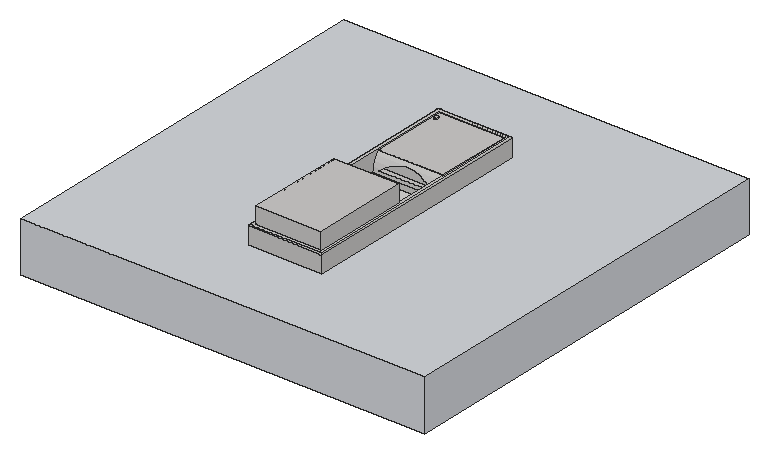
Revit family
Parameters (values of type "B-3949")
  Warranty Duration (Years) = 0
  Unit Width = 1' - 5 1/2"
  Unit Height = 4' - 8 5/16"
  Unit Depth = 0' - 8 1/8"
  URL = "http://www.bobrick.com/Pages/default.aspx"
  Test Data = ""
  Specification = ""
  SpecWizard = ""
  Send Message = "http://www.arcat.com/users.pl?action=UserEmail&company=Bobrick+Washroom+Equipment,+Inc.&coid=30988&rep=156&fax=818-503-1930&mf="
  Sales Information = "http://www.bobrick.com/Pages/ContactUs.aspx"
  Revision = "R1_10_2012"
  Product Properties = ""
  Product Data = "http://arcat.com/arcatcos/cos30/arc30988.html?isac=1&r=1"
  Mounting Height [instance] = 6' - 0"
  Model = "B-3949"
  Manufacturer Website = "http://www.bobrick.com/Pages/default.aspx"
  Manufacturer Phone - Toll Free = ""
  Manufacturer Phone = "818-764-1000"
  Manufacturer Fax = "818-503-1930"
  Manufacturer Address = "11611 Hart St. North Hollywood, CA 91605-5882"
  Manufacturer = "Bobrick Washroom Equipment, Inc."
  Maintenance Schedule (Months) = 0
  Keynote = "102813"
  Installation-Fabrication = "http://www.bobrick.com/washroomaccessories/Pages/WashroomAccessories.aspx"
  Installation Phase = ""
  Green Building-LEED = ""
  Finish Material = Stainless Steel - Bobrick - Satin
  Expected Lifespan (Years) = 0
  Drawn By = "Sumex Design, Inc. / Robert S. Weygant, CSI, CDT, SCIP"
  Description = "Bobrick B-3949 Classic Series Surface Mounted Convertible Combination Towel and Waste Unit"
  Default Elevation = 4' - 0"
  Copyright = "©Arcat Inc."
  Construction Details = ""
  Capacity = "600 C-fold Towels  ;  800 Multifold Towels  ;  12 gal Waste"
  Building Codes = ""
  Assembly Code = "E1090900"
Reference planes (in)
  plane 1 "Center (Front/Back)": y = -1.2293067
  plane 2: z = 0
  plane 3 "Center (Left/Right)": x = 0
  plane 4: y = 26.9269433
  plane 5: y = -29.3855567
  plane 6: x = -8.75
  plane 7: x = 8.75
  plane 8: z = 4.3125
  plane 9: y = 6.25
  plane 10: z = 8.125
  plane 11 "FF": y = -45.0730567
  plane 12 "ADA MOUNT LINE": y = 6.7395336
Forms (in)
  Extrusion 1, solid
    sketch origin (0, 0, 0) x (1, 0, 0) y (0, 1, 0)
      loop
        line (-48, 48) -> (-48, -48) -> (48, -48) -> (48, 48) -> (-48, 48)
    from 0 to -12
  Sweep 2, solid, material "Stainless Steel - Bobrick - Satin" <- "Finish Material"
    path origin (0, 0, 0) x (1, 0, 0) y (0, 1, 0)
      loop
        line (-7.75, 25.9269443) -> (-7.75, -28.3855567) -> (7.75, -28.3855567) -> (7.75, 25.9269443) -> (-7.75, 25.9269443)
    profile origin (0, 25.9269443, 0) x (0, 1, 0) y (0, 0, 1)
      loop
        line (0.999999, 0) -> (0.999999, 4.0625)
        arc (0.999999, 4.0625) -> (0.9267757, 4.2392767) -> (0.749999, 4.3125) r 0.25
        line (0.749999, 4.3125) -> (0, 4.3125) -> (0, 0) -> (0.999999, 0)
  Extrusion 3, solid, material "Stainless Steel - Bobrick - Satin" <- "Finish Material"
    sketch origin (0, 0, 3.8749999) x (1, 0, 0) y (0, 1, 0)
      loop
        line (-7.75, -28.3855567) -> (7.75, -28.3855567) -> (7.75, 25.9269443) -> (-7.75, 25.9269443) -> (-7.75, -28.3855567)
    from -3.8749999 to -3.7499999
  Extrusion 4, void
    sketch origin (0, -1.2293067, 2.25) x (1, 0, 0) y (0, 0, 1)
      loop
        line (-6.15625, -1.1540224) -> (6.15625, -1.1540224)
        arc (6.15625, -1.1540224) -> (0, 1.2426852) -> (-6.15625, -1.1540224) r 9.1049115
    from -6.0854866 to -8.4988816
  Extrusion 5, solid, material "Stainless Steel - Bobrick - Satin" <- "Finish Material"
    sketch origin (-11.8381281, -29.3855567, 48) x (-1, 0, 0) y (0, 0, 1)
      loop
        line (-4.0881281, -47.875) -> (-4.0881281, -39.875) -> (-19.5881281, -39.875) -> (-19.5881281, -47.875) -> (-4.0881281, -47.875)
      loop
        line (-4.2131281, -40) -> (-19.4631281, -40) -> (-19.4631281, -47.75) -> (-4.2131281, -47.75) -> (-4.2131281, -40)
    from 1 to 24
  Extrusion 6, solid, material "Stainless Steel - Bobrick - Satin" <- "Finish Material"
    sketch origin (-11.8381281, -29.3855567, 48) x (-1, 0, 0) y (0, 0, 1)
      loop
        line (-4.2131281, -47.75) -> (-4.2131281, -40) -> (-19.4631281, -40) -> (-19.4631281, -47.75) -> (-4.2131281, -47.75)
    from 1 to 1.2566971
  Extrusion 7, solid, material "Stainless Steel - Bobrick - Satin" <- "Finish Material"
    sketch origin (0, 0, 4.1875) x (1, 0, 0) y (0, 1, 0)
      loop
        line (-7.75, 25.9269443) -> (-7.75, 7.8019443) -> (7.75, 7.8019443) -> (7.75, 25.9269443) -> (-7.75, 25.9269443)
    from 0 to 0.125
  Extrusion 8, solid, material "Stainless Steel - Bobrick - Satin" <- "Finish Material"
    sketch origin (0, 0, 4.1875) x (1, 0, 0) y (0, 1, 0)
      loop
        circle (-6.8354014, 23.9269433) r 0.5
    from 0.125 to 0.2079355
  Extrusion 9, solid, material "Stainless Steel - Bobrick - Satin" <- "Finish Material"
    sketch origin (0, 0, 0) x (0, 1, 0) y (0, 0, 1)
      loop
        arc (7.4835646, 0.1194271) -> (7.5764394, 0.9647388) -> (7.8019443, 1.7846932) r 5.3555927
        line (7.8019443, 1.7846932) -> (7.8019443, 4.3125)
        arc (7.8019443, 4.3125) -> (6.5610633, 2.4450916) -> (6.1000151, 0.2509096) r 5.9453863
        line (6.1000151, 0.2509096) -> (0.3437899, 2.9350815) -> (-5.3855567, 0.25) -> (-5.3855567, 0.125) -> (0.351127, 2.8092477) -> (6.1194659, 0.1194271) -> (7.4835646, 0.1194271)
    from -7.75 to 7.75
Cuts and joins
  Extrusion 4 cuts Extrusion 3
  joined: Sweep 2, Extrusion 3
  joined: Extrusion 5, Extrusion 6
  Extrusion 4 cuts Extrusion 9
Dimensions and locks (in)
  equal spacing: plane 4, plane 1 "Center (Front/Back)", plane 5
  "Unit Height": plane 4 to plane 5
  equal spacing: plane 6, plane 3 "Center (Left/Right)", plane 7
  "Unit Width": plane 6 to plane 7
  locked: Extrusion 7 sketch curve to Extrusion 7 sketch curve at 18.125
  Extrusion 5 sketch curve to Extrusion 5 sketch curve = 0' - 8"
  plane 10 to plane 8 = 0' - 3 13/16"
  "Unit Depth": plane 10 to level
  plane 8 to Extrusion 1 = 0' - 4 5/16"
  locked: plane 4 to plane 12 "ADA MOUNT LINE" at 20.1874097
  "Mounting Height": plane 4 to plane 11 "FF"
  plane 8 to level = 0' - 4 5/16"
  locked: plane 4 to Extrusion 7 sketch curve at 0.999999
  aligned and locked: plane 2 to Extrusion 1
  aligned and locked: level to Extrusion 1
Automatic sketch dimensions
  Extrusion 1 sketch curve to Extrusion 1 sketch curve = 8' - 0"  (x2)
  plane 6 to Sweep 2 sketch curve = 0' - 1"
  Sweep 2 sketch curve to plane 7 = 0' - 1"
  plane 5 to Sweep 2 sketch curve = 0' - 1"
  Sweep 2 sketch curve to plane 4 = 0' - 1"
  Extrusion 4 sketch curve to plane 3 "Center (Left/Right)" = 0' - 0"
  level to Extrusion 4 sketch curve = 0' - 1.09598"
  plane 6 to Extrusion 4 sketch curve = 0' - 2 19/32"
  plane 6 to Extrusion 7 sketch curve = 0' - 1"
  Extrusion 7 sketch curve to plane 7 = 0' - 1"
  plane 6 to Extrusion 8 sketch curve = 0' - 1.9146"
  Extrusion 8 sketch curve to plane 4 = 0' - 3"
  Extrusion 4 sketch curve to level = 0' - 5.61223"
  Sweep 2 sketch curve to level = 0' - 0"
  Sweep 2 sketch curve to profile plane = 0' - 0"
  Sweep 2 sketch curve to profile plane = 0' - 0 3/4"
  Sweep 2 sketch curve to profile plane = 0' - 1"
  level to Sweep 2 sketch curve = 0' - 4 1/16"
  plane 6 to Extrusion 3 sketch curve = 0' - 1"
  Extrusion 3 sketch curve to plane 7 = 0' - 1"
  plane 5 to Extrusion 3 sketch curve = 0' - 1"
  Extrusion 3 sketch curve to plane 4 = 0' - 1"
  Extrusion 5 sketch curve to plane 10 = 0' - 0"
  Extrusion 5 sketch curve to plane 7 = 0' - 1"
  Extrusion 5 sketch curve to Extrusion 5 sketch curve = 0' - 0 1/8"  (x2)
  level to Extrusion 5 sketch curve = 0' - 0 1/4"
  plane 6 to Extrusion 5 sketch curve = 0' - 1 1/8"
  Extrusion 5 sketch curve to plane 10 = 0' - 0 1/8"
  level to Extrusion 6 sketch curve = 0' - 0 1/4"
  Extrusion 6 sketch curve to plane 7 = 0' - 1 1/8"
  Extrusion 6 sketch curve to plane 10 = 0' - 0 1/8"
  plane 6 to Extrusion 6 sketch curve = 0' - 1 1/8"
  Extrusion 9 sketch curve to plane 8 = 0' - 0"
  plane 1 "Center (Front/Back)" to Extrusion 9 sketch curve = 0' - 4 5/32"
  level to Extrusion 9 sketch curve = 0' - 0 1/4"
  Extrusion 9 sketch curve to plane 1 "Center (Front/Back)" = 0' - 1.5731"
  Extrusion 9 sketch curve to Extrusion 9 sketch curve = 0' - 0.00734"
  level to Extrusion 9 sketch curve = 0' - 0.25091"
  Extrusion 9 sketch curve to plane 12 "ADA MOUNT LINE" = 0' - 0.63952"
  Extrusion 9 sketch curve to Extrusion 9 sketch curve = 0' - 0.01945"
  level to Extrusion 9 sketch curve = 0' - 0.11943"
  plane 12 "ADA MOUNT LINE" to Extrusion 9 sketch curve = 0' - 0.74403"
  plane 12 "ADA MOUNT LINE" to Extrusion 9 sketch curve = 0' - 1.06241"
  level to Extrusion 9 sketch curve = 0' - 0.14737"
  Extrusion 9 sketch curve to level = 0' - 0.04097"
  Extrusion 9 sketch curve to Extrusion 9 sketch curve = 0' - 0.79225"
  level to Extrusion 9 sketch curve = 0' - 0 1/8"
  Extrusion 9 sketch curve to plane 8 = 0' - 1.50325"
  Extrusion 9 sketch curve to Extrusion 9 sketch curve = 0' - 0.12583"
  radius of Extrusion 8 sketch curve = 0' - 0 1/2"
